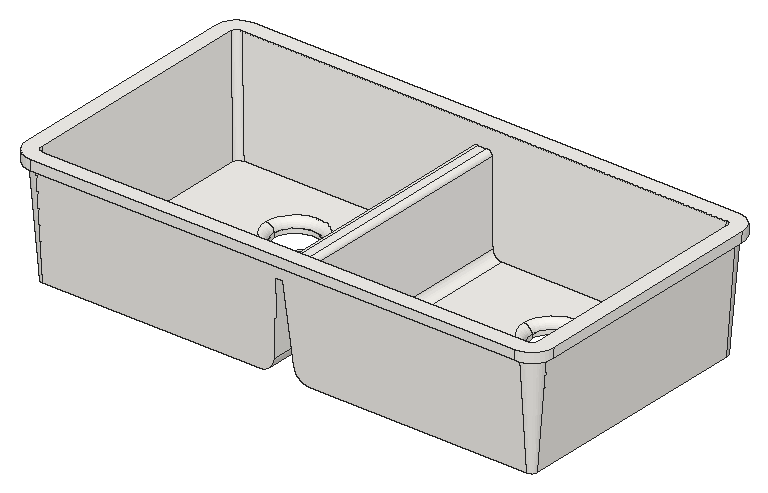
Revit family "Sink-Corian-European-Salty-9410", category Plumbing Fixtures, host Face, Revit 2015
Parameters (values of type "9410")
  Width = 850 mm
  WFU = 0
  Version = "2015 - v1.0b"  # constant formula
  URL = "http://www.corian.uk/-the-complete-residential-surfaces-solutions-"
  Sink Colors Available = "Designer White, Glacier White"
  Product Page URL = "http://www.corian.uk/-kitchen-sinks-"
  Model = "Salty 9410"  # constant formula
  Manufacturer = "DuPont"  # constant formula
  Length = 450 mm
  Interior Width = 800 mm
  Interior Length = 400 mm
  HWFU = 0
  Finish = Solid Surface Sink - DuPont - Glacier White
  Description = "Kitchen Sink Europe Specification"  # constant formula
  Depth = 176 mm
  Default Elevation = 1219.2 mm
  Cost = 0
  CWFU = 0
Reference planes
  plane 1 "Center (Front/Back)": y = 0
  plane 2: z = 0
  plane 3 "Center (Left/Right)": x = 0
  plane 4: y = 225
  plane 5: y = -225
  plane 6: x = -425
  plane 7: x = 425
  plane 8: z = -188
  plane 9: x = -400
  plane 10: x = 400
  plane 11: y = 200
  plane 12: y = -200
  plane 13 "NAME": z = -12
  plane 14: z = -100.9
  plane 15: x = -15.4
  plane 16: x = 15.4
  plane 17: z = -207
  plane 18: z = -200.125
  plane 19: x = 207.7
  plane 20: x = -207.7
  plane 21 "Drain": y = 80.457
Forms (mm)
  Extrusion 1, void
    sketch origin (0, 0, 0) x (1, 0, 0) y (0, 1, 0)
      loop
        line (390, 200) -> (-390, 200)
        arc (-390, 200) -> (-397.071, 197.071) -> (-400, 190) r 10
        line (-400, 190) -> (-400, -190)
        arc (-400, -190) -> (-397.071, -197.071) -> (-390, -200) r 10
        line (-390, -200) -> (390, -200)
        arc (390, -200) -> (397.071, -197.071) -> (400, -190) r 10
        line (400, -190) -> (400, 190)
        arc (400, 190) -> (397.071, 197.071) -> (390, 200) r 10
    from -207 to 0
  Sweep 2, solid, material "Solid Surface Sink - DuPont - Glacier White" <- "Finish"
    path origin (-322.065, -4572, -12) x (-1, 0, 0) y (0, -1, 0)
      loop
        line (-711.565, -4797) -> (67.435, -4797)
        arc (67.435, -4797) -> (92.538, -4786.602) -> (102.935, -4761.5) r 35.5
        line (102.935, -4761.5) -> (102.935, -4382.5)
        arc (102.935, -4382.5) -> (92.538, -4357.398) -> (67.435, -4347) r 35.5
        line (67.435, -4347) -> (-711.565, -4347)
        arc (-711.565, -4347) -> (-736.667, -4357.398) -> (-747.065, -4382.5) r 35.5
        line (-747.065, -4382.5) -> (-747.065, -4761.5)
        arc (-747.065, -4761.5) -> (-736.667, -4786.602) -> (-711.565, -4797) r 35.5
    profile origin (0, 225, -12) x (0, -1, 0) y (0, 0, 1)
      loop
        line (0, 0) -> (0, -15) -> (20.044, -15) -> (19.047, 0) -> (0, 0)
  Extrusion 3, solid, material "Solid Surface Sink - DuPont - Glacier White" <- "Finish"
    sketch origin (0, 0, 0) x (1, 0, 0) y (0, 0, 1)
      loop
        line (25.069, -174.267) -> (15.745, -49.41)
        arc (15.745, -49.41) -> (12.765, -44.013) -> (6.986, -41.868) r 8.857
        line (6.986, -41.868) -> (-6.986, -41.868)
        arc (-6.986, -41.868) -> (-12.765, -44.013) -> (-15.745, -49.41) r 8.857
        line (-15.745, -49.41) -> (-25.069, -174.267)
        arc (-25.069, -174.267) -> (-30.401, -184.087) -> (-40.868, -188) r 15.954
        line (-40.868, -188) -> (-40.868, -200.125)
        arc (-40.868, -200.125) -> (-23.54, -193.493) -> (-15.067, -176.987) r 25.954
        line (-15.067, -176.987) -> (-6.014, -53.253) -> (6.014, -53.253) -> (15.067, -176.987)
        arc (15.067, -176.987) -> (23.54, -193.493) -> (40.868, -200.125) r 25.954
        line (40.868, -200.125) -> (40.868, -188)
        arc (40.868, -188) -> (30.401, -184.087) -> (25.069, -174.267) r 15.954
    from -225 to 225
  SweptBlend 4, void
    path origin (0, 0, 0) x (1, 0, 0) y (0, 0, 1)
      loop
        line (0, -12) -> (0, -188)
    profile origin (0, 0, -12) x (0, -1, 0) y (1, 0, 0)
      loop
        line (-190, -400) -> (190, -400)
        arc (190, -400) -> (197.071, -397.071) -> (200, -390) r 10
        line (200, -390) -> (200, 390)
        arc (200, 390) -> (197.071, 397.071) -> (190, 400) r 10
        line (190, 400) -> (-190, 400)
        arc (-190, 400) -> (-197.071, 397.071) -> (-200, 390) r 10
        line (-200, 390) -> (-200, -390)
        arc (-200, -390) -> (-197.071, -397.071) -> (-190, -400) r 10
    end profile origin (0, 0, -188) x (0, -1, 0) y (1, 0, 0)
      loop
        line (-175, -385) -> (175, -385)
        arc (175, -385) -> (182.071, -382.071) -> (185, -375) r 10
        line (185, -375) -> (185, 375)
        arc (185, 375) -> (182.071, 382.071) -> (175, 385) r 10
        line (175, 385) -> (-175, 385)
        arc (-175, 385) -> (-182.071, 382.071) -> (-185, 375) r 10
        line (-185, 375) -> (-185, -375)
        arc (-185, -375) -> (-182.071, -382.071) -> (-175, -385) r 10
  SweptBlend 5, solid, material "Solid Surface Sink - DuPont - Glacier White" <- "Finish"
    path origin (0, 0, 0) x (1, 0, 0) y (0, 0, 1)
      loop
        line (0, -12) -> (0, -200.125)
    profile origin (0, 0, -12) x (0, -1, 0) y (1, 0, 0)
      loop
        line (-190, -415) -> (190, -415)
        arc (190, -415) -> (207.678, -407.678) -> (215, -390) r 25
        line (215, -390) -> (215, 390)
        arc (215, 390) -> (207.678, 407.678) -> (190, 415) r 25
        line (190, 415) -> (-190, 415)
        arc (-190, 415) -> (-207.678, 407.678) -> (-215, 390) r 25
        line (-215, 390) -> (-215, -390)
        arc (-215, -390) -> (-207.678, -407.678) -> (-190, -415) r 25
    end profile origin (0, 0, -200.125) x (0, -1, 0) y (1, 0, 0)
      loop
        line (-190, -400) -> (190, -400)
        arc (190, -400) -> (197.071, -397.071) -> (200, -390) r 10
        line (200, -390) -> (200, 390)
        arc (200, 390) -> (197.071, 397.071) -> (190, 400) r 10
        line (190, 400) -> (-190, 400)
        arc (-190, 400) -> (-197.071, 397.071) -> (-200, 390) r 10
        line (-200, 390) -> (-200, -390)
        arc (-200, -390) -> (-197.071, -397.071) -> (-190, -400) r 10
  Revolve 6, solid, material "Solid Surface Sink - DuPont - Glacier White" <- "Finish"
    sketch origin (0, 80.457, 0) x (-1, 0, 0) y (0, 0, 1)
      loop
        line (-172.7, -200.125) -> (-172.7, -207) -> (-157.7, -207)
        arc (-157.7, -207) -> (-155.686, -202.139) -> (-150.825, -200.125) r 6.875
        line (-150.825, -200.125) -> (-172.7, -200.125)
      axis (-207.7, -200.125) -> (-207.7, -207)
    angle from 0 to 360
  Revolve 7, solid, material "Solid Surface Sink - DuPont - Glacier White" <- "Finish"
    sketch origin (0, 80.457, 0) x (-1, 0, 0) y (0, 0, 1)
      loop
        line (172.7, -200.125) -> (150.825, -200.125)
        arc (150.825, -200.125) -> (155.686, -202.139) -> (157.7, -207) r 6.875
        line (157.7, -207) -> (172.7, -207) -> (172.7, -200.125)
      axis (207.7, -200.125) -> (207.7, -207)
    angle from 0 to 360
  Revolve 8, void
    sketch origin (0, 80.457, 0) x (-1, 0, 0) y (0, 0, 1)
      loop
        line (-172.7, -207) -> (-172.7, -200.125)
        arc (-172.7, -200.125) -> (-169.149, -191.551) -> (-160.575, -188) r 12.125
        line (-160.575, -188) -> (-207.7, -188) -> (-207.7, -207) -> (-172.7, -207)
      axis (-207.7, -207) -> (-207.7, -188)
    angle from 0 to 360
  Revolve 9, void
    sketch origin (0, 80.457, 0) x (-1, 0, 0) y (0, 0, 1)
      loop
        line (172.7, -207) -> (207.7, -207) -> (207.7, -188) -> (160.575, -188)
        arc (160.575, -188) -> (169.149, -191.551) -> (172.7, -200.125) r 12.125
        line (172.7, -200.125) -> (172.7, -207)
      axis (207.7, -207) -> (207.7, -188)
    angle from 0 to 360
  Extrusion 10, void
    sketch origin (0, 0, 0) x (0, 1, 0) y (0, 0, 1)
      loop
        line (213.804, -27) -> (199.452, -207) -> (225, -207) -> (225, -27) -> (213.804, -27)
      loop
        line (-213.804, -27) -> (-225, -27) -> (-225, -207) -> (-199.452, -207) -> (-213.804, -27)
    from -207.7 to 207.7
  Extrusion 11, void
    sketch origin (0, 0, 0) x (1, 0, 0) y (0, 0, 1)
      loop
        arc (40.868, -200.125) -> (23.54, -193.493) -> (15.067, -176.987) r 25.954
        line (15.067, -176.987) -> (6.014, -53.253) -> (-6.014, -53.253) -> (-15.067, -176.987)
        arc (-15.067, -176.987) -> (-23.54, -193.493) -> (-40.868, -200.125) r 25.954
        line (-40.868, -200.125) -> (40.868, -200.125)
    from -225 to 225
Cuts and joins
  Revolve 9 cuts Sweep 2
  Revolve 9, Extrusion 10 cuts Extrusion 3
  SweptBlend 4, Revolve 8, Revolve 9, Extrusion 11 cuts SweptBlend 5
  Revolve 9 cuts Revolve 6
  Revolve 9 cuts Revolve 7
  joined: Sweep 2, Extrusion 3, SweptBlend 5, Revolve 6, Revolve 7
Lines and regions (mm)
  Masking region 1
    outline origin (-322.065, -4572, -12) x (-1, 0, 0) y (0, -1, 0)
      loop
        line (-712.065, -4772) -> (67.935, -4772)
        arc (67.935, -4772) -> (75.006, -4769.071) -> (77.935, -4762) r 10
        line (77.935, -4762) -> (77.935, -4382)
        arc (77.935, -4382) -> (75.006, -4374.929) -> (67.935, -4372) r 10
        line (67.935, -4372) -> (-712.065, -4372)
        arc (-712.065, -4372) -> (-719.136, -4374.929) -> (-722.065, -4382) r 10
        line (-722.065, -4382) -> (-722.065, -4762)
        arc (-722.065, -4762) -> (-719.136, -4769.071) -> (-712.065, -4772) r 10
  Masking region 2, detail levels medium+fine
    outline origin (-322.065, -4572, -12) x (-1, 0, 0) y (0, -1, 0)
      loop
        circle (-114.365, -4652.457) r 35
      loop
        circle (-529.765, -4652.457) r 35
  Masking region 3, detail levels fine
    outline origin (-322.065, -4572, -12) x (-1, 0, 0) y (0, -1, 0)
      loop
        line (-296.996, -4758.17) -> (52.935, -4757)
        arc (52.935, -4757) -> (60.006, -4754.071) -> (62.935, -4747) r 10
        line (62.935, -4747) -> (62.935, -4397)
        arc (62.935, -4397) -> (60.006, -4389.929) -> (52.935, -4387) r 10
        line (52.935, -4387) -> (-296.996, -4385.83) -> (-296.996, -4758.17)
      loop
        line (-347.134, -4758.17) -> (-347.134, -4385.83) -> (-697.065, -4387)
        arc (-697.065, -4387) -> (-704.136, -4389.929) -> (-707.065, -4397) r 10
        line (-707.065, -4397) -> (-707.065, -4747)
        arc (-707.065, -4747) -> (-704.136, -4754.071) -> (-697.065, -4757) r 10
        line (-697.065, -4757) -> (-347.134, -4758.17)
  symbolic lines, detail levels coarse+medium
    curve 1: line (0, 200, -12) -> (0, -200, -12)
  symbolic lines, detail levels fine
    curve 2: line (-15.4, 200, -12) -> (-15.4, -200, -12)
    curve 3: line (-15.4, 200, -12) -> (-25.069, 186.17, -12)
    curve 4: line (-15.4, -200, -12) -> (-25.069, -186.17, -12)
    curve 5: line (15.4, 200, -12) -> (15.4, -200, -12)
    curve 6: line (15.4, 200, -12) -> (25.069, 186.17, -12)
    curve 7: line (15.4, -200, -12) -> (25.069, -186.17, -12)
Dimensions and locks
  equal spacing: plane 4, plane 1 "Center (Front/Back)", plane 5
  equal spacing: plane 6, plane 3 "Center (Left/Right)", plane 7
  "Length": plane 4 to plane 5
  "Width": plane 6 to plane 7
  equal spacing: plane 9, plane 3 "Center (Left/Right)", plane 10
  equal spacing: plane 11, plane 1 "Center (Front/Back)", plane 12
  "Interior Width": plane 9 to plane 10
  "Interior Length": plane 11 to plane 12
  locked: plane 2 to plane 13 "NAME" at 12
  "Depth": plane 13 "NAME" to plane 8
  equal spacing: plane 15, plane 3 "Center (Left/Right)", plane 16
  locked: plane 15 to plane 16 at 30.8
  plane 8 to plane 18 to plane 17 = 12.125 mm locked, 6.875 mm locked
  equal spacing: plane 10, plane 19, plane 16
  equal spacing: plane 15, plane 20, plane 9
  locked: plane 11 to plane 21 "Drain" at 119.543
  plane 4 to Sweep 2 sketch curve to Sweep 2 sketch curve to Sweep 2 sketch curve = 0 mm locked, 35.5 mm locked, 0 mm locked
  Sweep 2 sketch curve to Sweep 2 sketch curve to plane 5 to Sweep 2 sketch curve = 0 mm locked, 35.5 mm locked, 0 mm locked
  plane 6 to Sweep 2 sketch curve to Sweep 2 sketch curve to Sweep 2 sketch curve = 0 mm locked, 35.5 mm locked, 0 mm locked
  Sweep 2 sketch curve to Sweep 2 sketch curve to plane 7 to Sweep 2 sketch curve = 0 mm locked, 35.5 mm locked, 0 mm locked
  plane 4 to Sweep 2 sketch curve to Sweep 2 sketch curve = 19.047 mm locked, 0.998 mm locked
  locked: plane 13 "NAME" to Sweep 2 sketch curve at 15
  Extrusion 3 sketch curve to Extrusion 3 sketch curve to Extrusion 3 sketch curve to Extrusion 3 sketch curve to Extrusion 3 sketch curve to Extrusion 3 sketch curve to plane 3 "Center (Left/Right)" to Extrusion 3 sketch curve to Extrusion 3 sketch curve to Extrusion 3 sketch curve to Extrusion 3 sketch curve to Extrusion 3 sketch curve to Extrusion 3 sketch curve = 15.799 mm locked, 9.324 mm locked, 0.678 mm locked, 8.081 mm locked, 0.972 mm locked, 6.014 mm locked, 6.014 mm locked, 0.972 mm locked, 8.081 mm locked, 0.678 mm locked, 9.324 mm locked, 15.799 mm locked
  Extrusion 3 sketch curve to Extrusion 3 sketch curve to Extrusion 3 sketch curve to Extrusion 3 sketch curve to plane 8 to Extrusion 3 sketch curve to Extrusion 3 sketch curve to Extrusion 3 sketch curve to Extrusion 3 sketch curve = 0 mm locked, 2.72 mm locked, 0 mm locked, 11.013 mm locked, 0 mm locked, 0 mm locked, 12.125 mm locked, 0 mm locked
  plane 4 to SweptBlend 4 sketch curve to SweptBlend 4 sketch curve to SweptBlend 4 sketch curve = 25 mm locked, 10 mm locked, 0 mm locked
  SweptBlend 4 sketch curve to SweptBlend 4 sketch curve to SweptBlend 4 sketch curve to plane 5 = 0 mm locked, 10 mm locked, 25 mm locked
  plane 6 to SweptBlend 4 sketch curve to SweptBlend 4 sketch curve to SweptBlend 4 sketch curve = 25 mm locked, 10 mm locked, 0 mm locked
  SweptBlend 4 sketch curve to SweptBlend 4 sketch curve to SweptBlend 4 sketch curve to plane 7 = 0 mm locked, 10 mm locked, 25 mm locked
  plane 20 to Revolve 9 sketch curve to Revolve 9 sketch curve = 35 mm locked, 12.125 mm locked
  Extrusion 10 sketch curve to Extrusion 10 sketch curve to plane 5 to Extrusion 10 sketch curve = 14.352 mm locked, 11.196 mm locked, 0 mm locked
  plane 4 to Extrusion 10 sketch curve to Extrusion 10 sketch curve to Extrusion 10 sketch curve = 0 mm locked, 11.196 mm locked, 14.352 mm locked
  plane 13 "NAME" to Extrusion 10 sketch curve to Extrusion 10 sketch curve = 15 mm locked, 0 mm locked
  plane 17 to Extrusion 10 sketch curve to Extrusion 10 sketch curve = 0 mm locked, 0 mm locked
  Extrusion 11 sketch curve to Extrusion 11 sketch curve to Extrusion 11 sketch curve to plane 3 "Center (Left/Right)" to Extrusion 11 sketch curve to Extrusion 11 sketch curve to Extrusion 11 sketch curve = 25.801 mm locked, 9.053 mm locked, 6.014 mm locked, 6.014 mm locked, 9.053 mm locked, 25.801 mm locked
  Extrusion 11 sketch curve to Extrusion 11 sketch curve to plane 18 = 0 mm locked, 23.138 mm locked
  aligned and locked: plane 2 to host face
  aligned and locked: level to host face
  aligned and locked: level to Extrusion 1
  aligned and locked: Extrusion 1 to plane 17
  aligned and locked: Masking region 1 sketch curve to plane 12
  aligned and locked: plane 10 to Masking region 1 sketch curve
  aligned and locked: plane 11 to Masking region 1 sketch curve
  aligned and locked: Masking region 1 sketch curve to plane 9
  aligned and locked: Extrusion 1 sketch curve to plane 9
  aligned and locked: plane 11 to Extrusion 1 sketch curve
  aligned and locked: plane 10 to Extrusion 1 sketch curve
  aligned and locked: Extrusion 1 sketch curve to plane 12
  aligned and locked: plane 4 to Extrusion 3
  aligned and locked: Extrusion 3 to plane 5
  aligned and locked: Sweep 2 to SweptBlend 4 sketch curve
  aligned and locked: SweptBlend 4 sketch curve to plane 3 "Center (Left/Right)"
  aligned and locked: plane 8 to SweptBlend 4 sketch curve
  aligned and locked: Sweep 2 to SweptBlend 5 sketch curve
  aligned and locked: SweptBlend 5 sketch curve to plane 3 "Center (Left/Right)"
  aligned and locked: plane 18 to SweptBlend 5 sketch curve
  aligned and locked: Revolve 6 sketch curve to cut or joined group of Sweep 2, Extrusion 3, SweptBlend 4, SweptBlend 5, Revolve 6, Revolve 7, Revolve 8, Revolve 9, Extrusion 10, Extrusion 11
  aligned and locked: Revolve 6 sketch curve to plane 19
  aligned and locked: plane 17 to Revolve 6 sketch curve
  aligned and locked: plane 20 to Revolve 7 sketch curve
  aligned and locked: plane 8 to Revolve 7 sketch curve
  aligned and locked: plane 17 to Revolve 7 sketch curve
  aligned and locked: cut or joined group of Sweep 2, Extrusion 3, SweptBlend 4, SweptBlend 5, Revolve 6, Revolve 7, Revolve 8, Revolve 9, Extrusion 10, Extrusion 11 to Revolve 8 sketch curve
  aligned and locked: Revolve 8 sketch curve to cut or joined group of Sweep 2, Extrusion 3, SweptBlend 4, SweptBlend 5, Revolve 6, Revolve 7, Revolve 8, Revolve 9, Extrusion 10, Extrusion 11
  aligned and locked: plane 19 to Revolve 8 sketch curve
  aligned and locked: plane 20 to Revolve 9 sketch curve
  aligned and locked: Revolve 9 sketch curve to plane 20
  aligned and locked: plane 19 to Extrusion 10
  aligned and locked: plane 4 to Extrusion 11
  aligned and locked: Extrusion 11 to plane 5
  aligned and locked: cut or joined group of Sweep 2, Extrusion 3, SweptBlend 4, SweptBlend 5, Revolve 6, Revolve 7, Revolve 8, Revolve 9, Extrusion 10, Extrusion 11 to curve 1  (x2)
  aligned and locked: plane 4 to Sweep 2 sketch curve
  aligned and locked: Sweep 2 sketch curve to plane 13 "NAME"
  aligned and locked: plane 8 to Revolve 9 sketch curve
  aligned and locked: Revolve 9 sketch curve to plane 17
  aligned and locked: plane 18 to Extrusion 11 sketch curve
Automatic sketch dimensions
  host sketch curve to host sketch curve = 2438.4 mm  (x2)
  plane 9 to Extrusion 1 sketch curve = 10 mm  (x2)
  Extrusion 1 sketch curve to plane 10 = 10 mm  (x2)
  Masking region 1 sketch curve to plane 10 = 10 mm  (x2)
  plane 9 to Masking region 1 sketch curve = 10 mm  (x2)
  Extrusion 3 sketch curve to Extrusion 3 sketch curve = 2.528 mm  (x2)
  Extrusion 3 sketch curve to Extrusion 3 sketch curve = 1.316 mm
  Extrusion 11 sketch curve to plane 18 = 0 mm  (x2)
  Extrusion 11 sketch curve to plane 13 "NAME" = 41.253 mm
  Extrusion 11 sketch curve to Extrusion 11 sketch curve = 0 mm  (x2)
  Masking region 3 sketch curve to plane 10 = 15 mm
  Masking region 3 sketch curve to Masking region 3 sketch curve = 10 mm  (x3)
  plane 16 to Masking region 3 sketch curve = 9.669 mm
  Masking region 3 sketch curve to plane 15 = 9.669 mm
  plane 12 to Masking region 3 sketch curve = 15 mm
  plane 9 to Masking region 3 sketch curve = 25 mm  (x2)
  plane 12 to Masking region 3 sketch curve = 25 mm
  Masking region 3 sketch curve to plane 11 = 25 mm  (x2)
  Masking region 3 sketch curve to plane 11 = 13.83 mm  (x2)
  plane 12 to Masking region 3 sketch curve = 13.83 mm  (x2)
  curve 7 to plane 12 = 0 mm
  curve 7 to plane 16 = 0 mm
  curve 1 to plane 3 "Center (Left/Right)" = 0 mm
  curve 2 to plane 11 = 0 mm
  curve 2 to plane 15 = 0 mm
  curve 5 to plane 11 = 0 mm
  curve 2 to plane 12 = 0 mm
  plane 16 to curve 7 = 9.669 mm
  plane 16 to curve 6 = 9.669 mm
  curve 4 to plane 15 = 9.669 mm
  curve 3 to plane 15 = 9.669 mm
  curve 3 to plane 11 = 13.83 mm
  curve 6 to plane 11 = 13.83 mm
  plane 12 to curve 4 = 13.83 mm
  plane 12 to curve 7 = 13.83 mm
  Masking region 2 sketch curve to Masking region 2 sketch curve = 0 mm  (x4)
  Masking region 2 sketch curve to plane 19 = 0 mm
  Masking region 2 sketch curve to plane 20 = 0 mm
  Masking region 2 sketch curve to plane 21 "Drain" = 0 mm  (x2)
  plane 21 "Drain" to Masking region 2 sketch curve = 35 mm  (x2)
  SweptBlend 4 sketch curve to plane 1 "Center (Front/Back)" = 185 mm
  SweptBlend 4 sketch curve to SweptBlend 4 sketch curve = 10 mm  (x3)
  plane 1 "Center (Front/Back)" to SweptBlend 4 sketch curve = 175 mm  (x2)
  profile plane to SweptBlend 4 sketch curve = 385 mm
  SweptBlend 4 sketch curve to profile plane = 375 mm
  SweptBlend 5 sketch curve to plane 1 "Center (Front/Back)" = 215 mm
  SweptBlend 5 sketch curve to SweptBlend 5 sketch curve = 25 mm  (x3)
  plane 1 "Center (Front/Back)" to SweptBlend 5 sketch curve = 190 mm  (x4)
  profile plane to SweptBlend 5 sketch curve = 415 mm
  SweptBlend 5 sketch curve to profile plane = 390 mm  (x2)
  SweptBlend 5 sketch curve to plane 1 "Center (Front/Back)" = 200 mm
  SweptBlend 5 sketch curve to SweptBlend 5 sketch curve = 10 mm  (x3)
  profile plane to SweptBlend 5 sketch curve = 400 mm
  Revolve 6 sketch curve to plane 18 = 0 mm
  Revolve 6 sketch curve to plane 17 = 0 mm
  Revolve 6 sketch curve to plane 19 = 35 mm
  Revolve 6 sketch curve to Revolve 6 sketch curve = 15 mm
  Revolve 7 sketch curve to plane 18 = 0 mm
  Revolve 7 sketch curve to plane 17 = 0 mm
  Revolve 7 sketch curve to plane 20 = 35 mm
  Revolve 7 sketch curve to Revolve 7 sketch curve = 15 mm
  Revolve 8 sketch curve to plane 8 = 0 mm
  Revolve 8 sketch curve to plane 19 = 0 mm
  Revolve 8 sketch curve to plane 18 = 0 mm
  Revolve 8 sketch curve to plane 17 = 0 mm
  Revolve 8 sketch curve to plane 19 = 35 mm
  Revolve 9 sketch curve to plane 17 = 0 mm
  Revolve 9 sketch curve to plane 8 = 0 mm
  Extrusion 3 sketch curve to plane 13 "NAME" = 41.253 mm
Connectors
  piping at (207.7, 80.457, -207), diameter 90
    settings: on cut or joined group of Sweep 2, Extrusion 3, SweptBlend 4, SweptBlend 5, Revolve 6, Revolve 7, Revolve 8, Revolve 9, Extrusion 10, Extrusion 11, index 1, connector inside diameter 24", connector length 0 mm, flow factor 0, pipe flow 0 GPM, pressure drop 0.00 psi, fitting loss kfactor 0, connector angle 0.00°, fixture units 0, engagement length 0 mm, angle of deflection 0.00°, flow configuration 0, flow direction 2, fitting loss method 0, system type 16, joint type 0, gender type 0, connector reference index -1, connector utility 0, adjustable connector no, is connector primary yes, connector description "Drain"
  piping at (-207.7, 80.457, -207), diameter 90
    settings: on cut or joined group of Sweep 2, Extrusion 3, SweptBlend 4, SweptBlend 5, Revolve 6, Revolve 7, Revolve 8, Revolve 9, Extrusion 10, Extrusion 11, index 2, connector inside diameter 24", connector length 0 mm, flow factor 0, pipe flow 0 GPM, pressure drop 0.00 psi, fitting loss kfactor 0, connector angle 0.00°, fixture units 0, engagement length 0 mm, angle of deflection 0.00°, flow configuration 0, flow direction 2, fitting loss method 0, system type 16, joint type 0, gender type 0, connector reference index -1, connector utility 0, adjustable connector no, is connector primary no, connector description "Drain"
